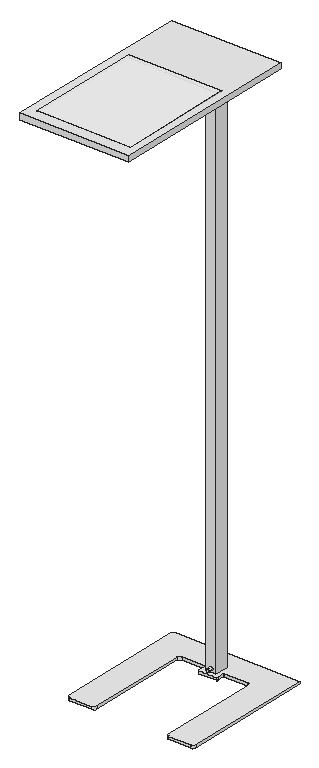
Revit family "0060794 Sylvania Lighting Fixture FREEOFFICE DIRECT INDIRECT 14KLM GREY EC", category Lighting Fixtures, host Face, Revit 2016
Family settings
  Host = Face
  Part Type = Normal
  Round Connector Dimension = Use Diameter
  OmniClass Number = 23.80.70.11.17
  OmniClass Title = Specialized Lighting by Location or Use
  Cut with Voids When Loaded = No
  Light Source = Yes
  Shared = No
  Room Calculation Point = No
Parameters (values of type "0060794 FREEOFFICE D/I 14 GREY EC")
  Weight = "22.8 kg"
  Wattage = 107 W
  WarrantyStartDate [instance] = "n/a"
  WarrantyGuarantorParts = "n/a"
  WarrantyDurationUnit = "n/a"
  WarrantyDurationParts = "n/a"
  WarrantyDescription = "n/a"
  built-in parameter 1150110 = 1 (stored number, unit not read)
  Voltage = 230 V
  TypeName = "FREEOFFICE DIRECT/INDIRECT 14KLM GREY EC"
  built-in parameter 1114217 = 1 (stored number, unit not read)
  Tilt Angle = -90°
  built-in parameter 1150109 = 1 (stored number, unit not read)
  built-in parameter 1150134 = 12
  built-in parameter 1150113 = 1 (stored number, unit not read)
  SerialNumber [instance] = "n/a"
  Radius_FEILO = 165.0 mm
  URL = "http://www.sylvania-lighting.com"
  PowerFactor = 0.98
  PowerConsumption = "107 W"
  Photometric Web File = "0060794.ies"
  PIR_SYL = no
  NominalWidth = 0.0 mm
  NominalLength = 690.0 mm
  NominalHeight = 2030.0 mm
  Name = "FREEOFFICE DIRECT/INDIRECT 14KLM GREY EC"
  ModelReference = "FREEOFFICE DIRECT/INDIRECT 14KLM GREY EC"
  ModelNumber = "0060794"
  Material_3_SYL = Body-Sylvania-FreeOffice-BLK
  Material_2_SYL = Polycarbonate_Sylvania_Sylcircle_Opal
  Material_1_SYL = Body-Sylvania-FreeOffice-GR
  Material = "head and pole : powder coated aluminium. stand: powder coated steel housing, pmma diffuser"
  ManufacturerName = "Feilo Sylvania"
  LuminousEfficacy = "132 lm/W"
  built-in parameter 1150105 = 4275.8 (stored number, unit not read)
  Lumens = 14124 lm
  LuminaireType = ""
  built-in parameter 1150115 = 1 (stored number, unit not read)
  LightOutputRatio = "n/a"
  built-in parameter 1150137 = (empty or 0)
  built-in parameter 1150139 = (empty or 0)
  LampsType = Lamp  # "LED"
  LampNominalLuminous = "14100 lm"
  LampMacAdamStep = "3"
  LampColourTemperature = "4000 K"
  LampColourRenderingIndex = "80"
  built-in parameter 1150112 = 1 (stored number, unit not read)
  built-in parameter 1150114 = 1 (stored number, unit not read)
  Keynote = "16500"
  InstallationDate [instance] = "n/a"
  InputVoltage = "220-240V~"
  InputNominalFrequency = "50/60 Hz"
  built-in parameter 1150132 = (empty or 0)
  built-in parameter 1150102 = (empty or 0)
  built-in parameter 1150107 = 4000 (stored number, unit not read)
  built-in parameter 1150138 = (empty or 0)
  IngressProtection = "IP20"
  ImpactProtectionIndex = "IK02"
  built-in parameter 1150106 = 42.758 (stored number, unit not read)
  IfcExportType = "IfcLightFixtureType"
  IfcExportAs = "IfcLightFixtureType"
  Height_FEILO = 96.0 mm
  ExpectedLife = 50000
  Emit from Rectangle Width = 340.1 mm
  Emit from Rectangle Length = 564.6 mm
  Emit Shape Visible in Rendering = no
  ElectricShockClassification = "Class I"
  built-in parameter 1150104 = 12.263 (stored number, unit not read)
  DurationUnit = "hours"
  DocumentationLiterature = "http://www.sylvania-lighting.com/product/en-int/products/0060794"
  DimmingControlOptions = "Dimmable"
  Dimming Lamp Color Temperature Shift = <None>
  Diameter_FEILO = 2 * Radius_FEILO  # 330.0 mm
  CreatedOn = "12/5/2018"
  CreatedBy = "@sylvania-lighting.com"
  Color Filter = 16777215
  built-in parameter 1114216 [instance] = 1 (stored number, unit not read)
  Model = "FREEOFFICE DIRECT/INDIRECT 14KLM GREY EC"
  Manufacturer = "Feilo Sylvania"
  Lamp = "LED"
  Description = "FREEOFFICE DIRECT/INDIRECT 14KLM GREY EC is a highly efficient free-standing floor lamp providing optimal illumination for single and twin workstations. 80% uplight and 20% downlight ratio for ambient and task lighting from a single luminaire. Microprismatic PMMA optics for advanced glare control. Grey RAL7035 powder coated luminaire body. Aluminium head and pole for high-quality appearance, steel stand for higher stability. Luminaire dimensions: Head: 690x397x25mm, Stand: 480x460x16mm, Pole: 55x35x2030mm. Operated and dimmed with a push button located in the pole at a height suitable to be used with adjustable height desks. Up and downlight dims together. 4000K Neutral White LED, CRI>80, chromaticity tolerance: SDCM<3. Luminous flux: 14100lm. Power consumption 107W. Luminaire efficacy: 132lm/W. Lumen maintenance: L80B50=55000h. UGR<16, Luminance at 65°<3000 cd/m2. IK02, IP20. Photobiological safety risk group 0. Electrical protection: Class I. Glow wire test: 650°C. Supplied with 3m cable with DIN 49441-R2 plug."
  Default Elevation = 0.0 mm
  built-in parameter 1140040 [instance] = 1
  BarCode [instance] = "n/a"
  built-in parameter 1114218 = 1 (stored number, unit not read)
  built-in parameter 1150133 = 10 (stored number, unit not read)
  AssetType = "Fixed"
  AssetIdentifier [instance] = "n/a"
  Assembly Code = "D5020200"
  Apparent Load = 107 VA
Reference planes
  plane 1 "Center (Front/Back)": y = 0
  plane 2: z = 0
  plane 3 "Center (Left/Right)": x = 0
  plane 4: z = 2030
  plane 5: x = 230
  plane 6: x = -230
  plane 7: x = 18
  plane 8: x = -18
  plane 9: x = -198.5
  plane 10: x = 198.5
  plane 11: y = 25
  plane 12: y = -25
  plane 13: y = -390.174
  plane 14: y = 89.826
  plane 15: y = -645
  plane 16: y = 44
  plane 17: z = 9
  plane 18: z = 2010
  plane 19: y = -187.327
  plane 20: y = -603.8
  plane 21: x = -170.03
  plane 22: x = 170.03
  plane 23: y = -39.174
  plane 24: z = 2020
  plane 25: x = 130
  plane 26: x = -130
  plane 27: y = -10.174
  plane 28: x = 34
  plane 29: x = -34
  plane 30: y = -39.174
  plane 31: y = -321.487
  plane 32: z = 21
  plane 33: y = -624.4
  plane 34: z = 2009
Forms (mm)
  Extrusion 1, solid, material "Body-Sylvania-FreeOffice-GR" <- "Material_1_SYL"
    sketch origin (-1380.213, -4572, 2010) x (-1, 0, 0) y (0, -1, 0)
      loop
        line (-1181.713, -3927) -> (-1578.713, -3927) -> (-1578.713, -4616) -> (-1181.713, -4616) -> (-1181.713, -3927)
    from 0 to 20
  Extrusion 2, void
    sketch origin (-1380.213, -4572, 2030) x (0, -1, 0) y (-1, 0, 0)
      loop
        line (-4384.673, -1210.183) -> (-4384.673, -1550.243) -> (-3968.2, -1550.243) -> (-3968.2, -1210.183) -> (-4384.673, -1210.183)
    from 0 to 20
  Extrusion 3, void
    sketch origin (-1380.213, -4572, 2010) x (0, -1, 0) y (-1, 0, 0)
      loop
        line (-3968.2, -1210.183) -> (-4532.826, -1210.183) -> (-4532.826, -1550.243) -> (-3968.2, -1550.243) -> (-3968.2, -1210.183)
    from 0 to -10
  Extrusion 4, solid, material "Body-Sylvania-FreeOffice-GR" <- "Material_1_SYL"
    sketch origin (0, 0, 0) x (1, 0, 0) y (0, 1, 0)
      loop
        line (-230, 79.826) -> (-230, -380.174)
        arc (-230, -380.174) -> (-227.071, -387.245) -> (-220, -390.174) r 10
        line (-220, -390.174) -> (-140, -390.174)
        arc (-140, -390.174) -> (-132.929, -387.245) -> (-130, -380.174) r 10
        line (-130, -380.174) -> (-130, -20.174)
        arc (-130, -20.174) -> (-127.071, -13.103) -> (-120, -10.174) r 10
        line (-120, -10.174) -> (-36, -10.174)
        arc (-36, -10.174) -> (-34.586, -10.76) -> (-34, -12.174) r 2
        line (-34, -12.174) -> (-34, -37.174)
        arc (-34, -37.174) -> (-33.414, -38.588) -> (-32, -39.174) r 2
        line (-32, -39.174) -> (32, -39.174)
        arc (32, -39.174) -> (33.414, -38.588) -> (34, -37.174) r 2
        line (34, -37.174) -> (34, -12.174)
        arc (34, -12.174) -> (34.586, -10.76) -> (36, -10.174) r 2
        line (36, -10.174) -> (120, -10.174)
        arc (120, -10.174) -> (127.071, -13.103) -> (130, -20.174) r 10
        line (130, -20.174) -> (130, -380.174)
        arc (130, -380.174) -> (132.929, -387.245) -> (140, -390.174) r 10
        line (140, -390.174) -> (220, -390.174)
        arc (220, -390.174) -> (227.071, -387.245) -> (230, -380.174) r 10
        line (230, -380.174) -> (230, 89.826) -> (-220, 89.826)
        arc (-220, 89.826) -> (-227.071, 86.897) -> (-230, 79.826) r 10
    from 0 to 9
  Extrusion 5, solid, material "Body-Sylvania-FreeOffice-GR" <- "Material_1_SYL"
    sketch origin (645.563, -4597, 9) x (0, -1, 0) y (-1, 0, 0)
      loop
        line (-4622, 663.563) -> (-4622, 627.563) -> (-4572, 627.563) -> (-4572, 663.563) -> (-4622, 663.563)
    from 0 to -2001
  Extrusion 6, solid, material "Body-Sylvania-FreeOffice-GR" <- "Material_1_SYL"
    sketch origin (747.1, -25, 1219.2) x (1, 0, 0) y (0, 0, 1)
      loop
        circle (-747.1, -1198.2) r 5
    from 0 to 14.174
  Extrusion 7, solid, material "Polycarbonate_Sylvania_Sylcircle_Opal" <- "Material_2_SYL"
    sketch origin (-1380.213, -4572, 2030) x (-1, 0, 0) y (0, -1, 0)
      loop
        line (-1550.243, -3968.2) -> (-1550.243, -4384.673) -> (-1210.183, -4384.673) -> (-1210.183, -3968.2) -> (-1550.243, -3968.2)
    from 0 to -10
  Extrusion 8, solid, material "Polycarbonate_Sylvania_Sylcircle_Opal" <- "Material_2_SYL"
    sketch origin (-1380.213, -4572, 2010) x (-1, 0, 0) y (0, -1, 0)
      loop
        line (-1210.183, -4532.826) -> (-1210.183, -3968.2) -> (-1550.243, -3968.2) -> (-1550.243, -4532.826) -> (-1210.183, -4532.826)
    from 0 to 10
  Revolve 9, solid, material "Body-Sylvania-FreeOffice-BLK" <- "Material_3_SYL", visible <- "PIR_SYL"
    sketch origin (747.1, -624.4, 1219.2) x (1, 0, 0) y (0, 0, 1)
      loop
        line (-757.1, 789.8) -> (-754.426, 789.8)
        arc (-754.426, 789.8) -> (-751.007, 787.781) -> (-747.1, 787.079) r 11.221
        line (-747.1, 787.079) -> (-747.1, 790.8) -> (-757.1, 790.8) -> (-757.1, 789.8)
      axis (-747.1, 790.8) -> (-747.1, 787.079)
    angle from 0 to 360
Cuts and joins
  Extrusion 2, Extrusion 3 cuts Extrusion 1
Lines and regions (mm)
  reference lines
    curve 1: circle (0, 0, 21) r 5 normal (0, -1, 0)
    curve 2: circle (0, -624.4, 2010) r 10 normal (0, 0, 1)
Dimensions and locks
  equal spacing: plane 12, plane 1 "Center (Front/Back)", plane 11
  locked: plane 12 to plane 11 at 50
  equal spacing: plane 8, plane 3 "Center (Left/Right)", plane 7
  plane 8 to plane 7 = 36.0 mm
  equal spacing: plane 9, plane 3 "Center (Left/Right)", plane 10
  plane 9 to plane 10 = 397.0 mm
  equal spacing: plane 6, plane 3 "Center (Left/Right)", plane 5
  locked: plane 6 to plane 5 at 460
  locked: plane 4 to plane 2 at 2030
  locked: plane 13 to plane 1 "Center (Front/Back)" at 390.174
  locked: plane 13 to plane 14 at 480
  locked: plane 15 to plane 1 "Center (Front/Back)" at 645
  locked: plane 15 to plane 16 at 689
  locked: plane 17 to plane 2 at 9
  locked: plane 4 to plane 18 at 20
  locked: plane 19 to plane 1 "Center (Front/Back)" at 187.327
  locked: plane 20 to plane 19 at 416.473
  equal spacing: plane 21, plane 3 "Center (Left/Right)", plane 22
  plane 21 to plane 22 = 340.059 mm
  locked: plane 20 to plane 23 at 564.626
  equal spacing: plane 4, plane 24, plane 18
  equal spacing: plane 26, plane 3 "Center (Left/Right)", plane 25
  locked: plane 26 to plane 25 at 260
  locked: plane 27 to plane 14 at 100
  equal spacing: plane 29, plane 3 "Center (Left/Right)", plane 28
  locked: plane 29 to plane 28 at 68
  locked: plane 30 to plane 27 at 29
  equal spacing: plane 20, plane 31, plane 23
  locked: plane 32 to host face at 21
  equal spacing: plane 15, plane 33, plane 20
  locked: Revolve 9 sketch curve to plane 18 at 7.5
  locked: plane 18 to plane 34 at 1
  radius of curve 2 = 10.0 mm
  aligned and locked: plane 2 to host face
  aligned and locked: level to host face
  aligned and locked: plane 15 to Extrusion 1 sketch curve
  aligned and locked: Extrusion 1 sketch curve to plane 9
  aligned and locked: Extrusion 1 sketch curve to plane 16
  aligned and locked: plane 10 to Extrusion 1 sketch curve
  aligned and locked: plane 4 to Extrusion 1
  aligned and locked: Extrusion 1 to plane 18
  aligned and locked: Extrusion 2 sketch curve to plane 19
  aligned and locked: plane 20 to Extrusion 2 sketch curve
  aligned and locked: Extrusion 2 to plane 18
  aligned and locked: plane 4 to Extrusion 2
  aligned and locked: plane 21 to Extrusion 2 sketch curve
  aligned and locked: plane 22 to Extrusion 2 sketch curve
  aligned and locked: Extrusion 3 sketch curve to cut or joined group of Extrusion 1, Extrusion 2, Extrusion 3  (x2)
  aligned and locked: plane 23 to Extrusion 3 sketch curve
  aligned and locked: plane 22 to Extrusion 3 sketch curve
  aligned and locked: Extrusion 3 to plane 18
  aligned and locked: plane 24 to Extrusion 3
  aligned and locked: Extrusion 4 sketch curve to plane 14
  aligned and locked: Extrusion 4 sketch curve to plane 6
  aligned and locked: plane 13 to Extrusion 4 sketch curve  (x2)
  aligned and locked: Extrusion 4 sketch curve to plane 26
  aligned and locked: Extrusion 4 sketch curve to plane 25
  aligned and locked: plane 5 to Extrusion 4 sketch curve
  aligned and locked: plane 29 to Extrusion 4 sketch curve
  aligned and locked: plane 30 to Extrusion 4 sketch curve
  aligned and locked: Extrusion 4 sketch curve to plane 28
  aligned and locked: Extrusion 4 sketch curve to plane 27
  aligned and locked: Extrusion 4 to plane 17
  aligned and locked: Extrusion 4 to level
  aligned and locked: Extrusion 5 sketch curve to plane 8
  aligned and locked: plane 7 to Extrusion 5 sketch curve
  aligned and locked: plane 18 to Extrusion 5
  aligned and locked: plane 11 to Extrusion 5 sketch curve
  aligned and locked: Extrusion 5 sketch curve to plane 12
  aligned and locked: plane 24 to imposter light
  aligned and locked: imposter light to plane 3 "Center (Left/Right)"
  aligned and locked: imposter light to plane 31
  aligned and locked: Extrusion 6 sketch curve to curve 1
  aligned and locked: Extrusion 6 to plane 12
  aligned and locked: Extrusion 6 to cut or joined group of Extrusion 1, Extrusion 2, Extrusion 3
  aligned and locked: Extrusion 7 sketch curve to cut or joined group of Extrusion 1, Extrusion 2, Extrusion 3  (x4)
  aligned and locked: Extrusion 7 to plane 4
  aligned and locked: Extrusion 7 to cut or joined group of Extrusion 1, Extrusion 2, Extrusion 3
  aligned and locked: Extrusion 8 sketch curve to cut or joined group of Extrusion 1, Extrusion 2, Extrusion 3  (x4)
  aligned and locked: Extrusion 8 to cut or joined group of Extrusion 1, Extrusion 2, Extrusion 3
  aligned and locked: Extrusion 8 to plane 18
  aligned and locked: plane 3 "Center (Left/Right)" to curve 2
  aligned and locked: plane 33 to curve 2
  aligned and locked: plane 3 "Center (Left/Right)" to Revolve 9 sketch curve  (x2)
  aligned and locked: Revolve 9 sketch curve to plane 3 "Center (Left/Right)"
  aligned and locked: Revolve 9 sketch curve to plane 34
Automatic sketch dimensions
  host sketch curve to host sketch curve = 1305.563 mm
  host sketch curve to host sketch curve = 1283.632 mm
  plane 27 to Extrusion 4 sketch curve = 0.0 mm
  plane 6 to Extrusion 4 sketch curve = 10.0 mm  (x2)
  Extrusion 4 sketch curve to plane 13 = 10.0 mm
  Extrusion 4 sketch curve to plane 26 = 10.0 mm
  Extrusion 4 sketch curve to Extrusion 4 sketch curve = 2.0 mm
  plane 29 to Extrusion 4 sketch curve = 2.0 mm
  Extrusion 4 sketch curve to plane 28 = 2.0 mm
  plane 28 to Extrusion 4 sketch curve = 2.0 mm
  Extrusion 4 sketch curve to plane 25 = 10.0 mm
  Extrusion 4 sketch curve to Extrusion 4 sketch curve = 10.0 mm
  Extrusion 4 sketch curve to plane 5 = 10.0 mm
  curve 1 to plane 3 "Center (Left/Right)" = 0.0 mm
  curve 1 to plane 32 = 0.0 mm
  Revolve 9 sketch curve to plane 18 = 0.0 mm
  Revolve 9 sketch curve to plane 3 "Center (Left/Right)" = 7.326 mm
  Revolve 9 sketch curve to Revolve 9 sketch curve = 2.674 mm
  Revolve 9 sketch curve to level = 94.652 mm
  plane 4 to Revolve 9 sketch curve = 432.257 mm
  radius of curve 1 = 5.0 mm
Connectors
  electrical at (0, -39.174, 21), driven by "PowerFactor", driven by "Voltage", driven by "Apparent Load", driven by "Apparent Load"
    settings: on Extrusion 6, index 1, voltage 230 V, apparent load 107 VA, apparent load phase1 107 VA, apparent load phase2 0 VA, apparent load phase3 0 VA, power factor 0.98, load classification "Other", number of poles 1, system type 30, power factor state 1, is connector primary yes, connector utility no, sub classification motor no, connector description ""
